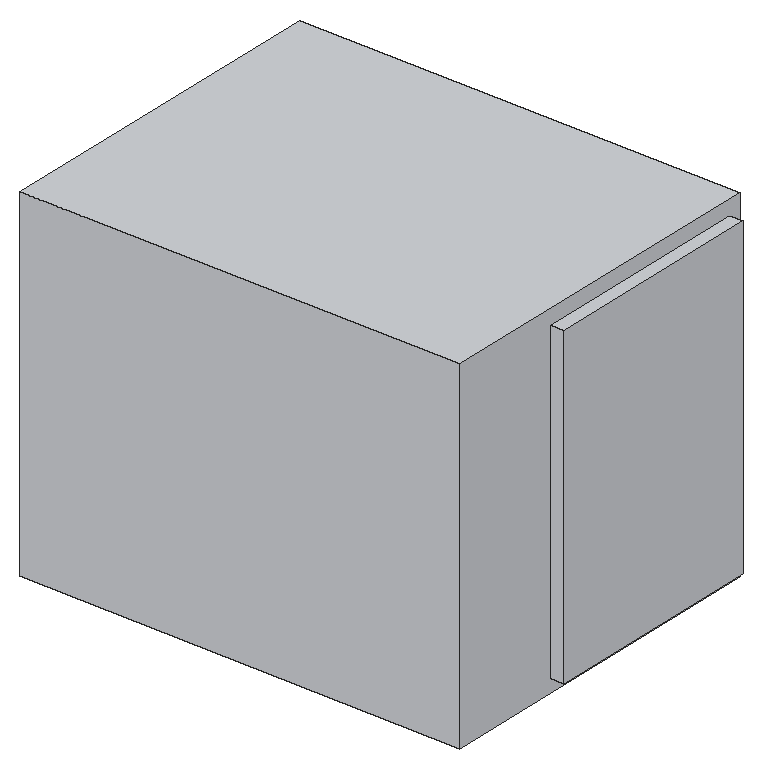
Revit family "M_Filtro - Cartucho", category Acessórios de duto, Revit 2019
Family settings
  Cota do conector redondo = Utilizar diâmetro
  Tipo de parte = Quebra em
  Número OmniClass = 23.75.50.17.11
  Título OmniClass = Air Filters
  ID de item do Seek = Filter - Cartridge-0000-CAN-ENU
  Com base no plano de trabalho = Não
  Sempre na vertical = Sim
  Corte com vazios quando carregada = Não
  Compartilhado = Não
Parameters (values of type "Para serpentina tamanho 3")
  Queda de pressão = 50.0 Pa
  Largura do filtro = 635 mm
  Comprimento do filtro = 800 mm
  Altura do filtro = 625 mm
  Largura do duto = Comprimento do filtro  # 800 mm
  Altura do duto = Altura do filtro  # 625 mm
  Material do filtro de cartucho = none
Types (17, lengths in mm): name | Largura do filtro | Comprimento do filtro | Altura do filtro | Largura do duto | Altura do duto
  (no name) | 635 | 800 | 625 | 800 | 625
  Para serpentina tamanho 3 | 635 | 800 | 625 | 800 | 625
  Para serpentina tamanho 6 | 711 | 1100 | 700 | 1100 | 700
  Para serpentina tamanho 8 | 813 | 1200 | 800 | 1200 | 800
  Para serpentina tamanho 10 | 864 | 1500 | 850 | 1500 | 850
  Para serpentina tamanho 12 | 864 | 1600 | 950 | 1600 | 950
  Para serpentina tamanho 14 | 864 | 1700 | 1000 | 1700 | 1000
  Para serpentina tamanho 17 | 864 | 1850 | 1100 | 1850 | 1100
  Para serpentina tamanho 21 | 864 | 1900 | 1250 | 1900 | 1250
  Para serpentina tamanho 25 | 1016 | 1950 | 1400 | 1950 | 1400
  Para serpentina tamanho 30 | 1016 | 2300 | 1400 | 2300 | 1400
  Para serpentina tamanho 35 | 1219 | 2400 | 1550 | 2400 | 1550
  Para serpentina tamanho 40 | 1219 | 2750 | 1550 | 2750 | 1550
  Para serpentina tamanho 50 | 1219 | 3000 | 1850 | 3000 | 1850
  Para serpentina tamanho 66 | 762 | 3450 | 2300 | 3450 | 2300
  Para serpentina tamanho 80 | 762 | 3450 | 2750 | 3450 | 2750
  Para serpentina tamanho 100 | 762 | 3800 | 3000 | 3800 | 3000
Reference planes
  plane 1 "Centro (Frente/Trás)": y = 0
  plane 2: z = 0
  plane 3 "Centro (Esquerda/Direita)": x = 0
  plane 4: x = -400
  plane 5: x = 400
  plane 6: y = 317.5
  plane 7: y = -317.5
  plane 8: x = -425.4
  plane 9: x = 425.4
  plane 10: z = 2432.5
  plane 11: z = 1807.5
  plane 12: z = 2407.1
  plane 13: y = 292.1
  plane 14: z = 1832.9
  plane 15: y = -114.3
Forms (mm)
  Extrusion 1, solid, material <- "Material do filtro de cartucho"
    sketch origin (0, 0, 0) x (1, 0, 0) y (0, 1, 0)
      loop
        line (-400, 317.5) -> (-400, -317.5) -> (400, -317.5) -> (400, 317.5) -> (-400, 317.5)
    from 1807.5 to 2432.5
  Extrusion 2, solid, material <- "Material do filtro de cartucho"
    sketch origin (0, 0, 0) x (0, 1, 0) y (0, 0, 1)
      loop
        line (-114.3, 2407.1) -> (-114.3, 1832.9) -> (292.1, 1832.9) -> (292.1, 2407.1) -> (-114.3, 2407.1)
    from 400 to 425.4
  Extrusion 3, solid, material <- "Material do filtro de cartucho"
    sketch origin (0, 0, 0) x (0, 1, 0) y (0, 0, 1)
      loop
        line (-114.3, 2407.1) -> (-114.3, 1832.9) -> (292.1, 1832.9) -> (292.1, 2407.1) -> (-114.3, 2407.1)
    from -425.4 to -400
Dimensions and locks
  equal spacing: plane 4, plane 3 "Centro (Esquerda/Direita)", plane 5
  "Comprimento do filtro": plane 4 to plane 5
  equal spacing: plane 6, plane 1 "Centro (Frente/Trás)", plane 7
  "Largura do filtro": plane 6 to plane 7
  locked: plane 8 to plane 4 at 25.4
  locked: plane 5 to plane 9 at 25.4
  locked: plane 15 to plane 13 at 406.4
  locked: plane 14 to plane 11 at 25.4
  locked: plane 13 to plane 6 at 25.4
  locked: plane 12 to plane 10 at 25.4
  "Altura do filtro": plane 10 to plane 11
  aligned and locked: plane 4 to Extrusion 1 sketch curve
  aligned and locked: Extrusion 1 sketch curve to plane 6
  aligned and locked: plane 7 to Extrusion 1 sketch curve
  aligned and locked: Extrusion 1 sketch curve to plane 5
  aligned and locked: Extrusion 1 to plane 11
  aligned and locked: plane 10 to Extrusion 1
  aligned and locked: plane 15 to Extrusion 2 sketch curve
  aligned and locked: plane 12 to Extrusion 2 sketch curve
  aligned and locked: plane 14 to Extrusion 2 sketch curve
  aligned and locked: Extrusion 2 sketch curve to plane 13
  aligned and locked: plane 9 to Extrusion 2
  aligned and locked: Extrusion 2 to plane 5
  aligned and locked: Extrusion 3 sketch curve to Extrusion 2  (x3)
  aligned and locked: Extrusion 2 to Extrusion 3 sketch curve
  aligned and locked: Extrusion 3 to plane 8
  aligned and locked: plane 4 to Extrusion 3
Connectors
  hvac at (0, -317.5, 2120), driven by "Altura do duto", driven by "Largura do duto"
    settings: on Extrusion 1, index 1, duct flow 0.0 L/s, flow factor 0, pres drop 0.0 Pa, loss coef 0, conn angle 0.00°, conn width 800 mm, conn height 625 mm, conn diameter 609.6 mm, duct sys type 29, conn prof type 1, flow config 0, flow direction 0, loss method 4, conn ref index 2, conn util no, is conn primary yes, conn desc ""
  hvac at (0, 317.5, 2120), driven by "Queda de pressão", driven by "Altura do duto", driven by "Largura do duto"
    settings: on Extrusion 1, index 2, duct flow 0.0 L/s, flow factor 0, pres drop 50.0 Pa, loss coef 0, conn angle 0.00°, conn width 800 mm, conn height 625 mm, conn diameter 600 mm, duct sys type 29, conn prof type 1, flow config 0, flow direction 0, loss method 4, conn ref index 1, conn util no, is conn primary no, conn desc ""
